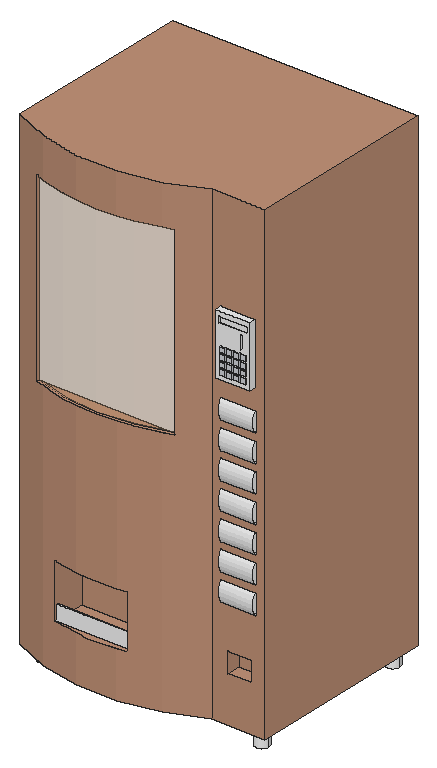
Revit family
Parameters
  Assembly Code = ""
Reference planes
  plane 1 "Centre Av/Ar": y = 83.764
  plane 2: z = 0
  plane 3 "Centre G/D": x = -18.475
  plane 4: x = -475.675
  plane 5: x = 438.725
  plane 6: y = 439.364
  plane 7: y = -271.836
  plane 8: y = 388.564
  plane 9: x = -424.875
  plane 10: y = -221.036
  plane 11: x = 387.925
  plane 12: x = 240.962
  plane 13: x = 338.816
  plane 14: z = 1332.695
  plane 15: z = 1313.645
  plane 16: z = 1307.295
  plane 17: x = 293.33
  plane 18: x = 312.38
  plane 19: x = 318.73
  plane 20: x = 337.78
  plane 21: x = 344.13
  plane 22: x = 363.18
  plane 23: x = 369.53
  plane 24: x = 388.58
  plane 25: z = 1288.245
  plane 26: z = 1281.895
  plane 27: z = 1262.845
  plane 28: z = 1256.495
  plane 29: z = 1237.445
  plane 30: z = 304.8
  plane 31: z = 227.055
  plane 32: x = 375.225
  plane 33: x = 301.301
  plane 34 "Img": y = -311.836
Forms (mm)
  Extrusion 1, solid, material "Plastique - Marron"
    sketch origin (0, 0, 0) x (1, 0, 0) y (0, 1, 0)
      loop
        line (-475.675, 439.364) -> (-475.675, -271.836)
        arc (-475.675, -271.836) -> (-117.356, -367.068) -> (240.962, -271.836) r 721.722
        line (240.962, -271.836) -> (438.725, -271.836) -> (438.725, 439.364) -> (-475.675, 439.364)
    from 55.49 to 1828.8
  Extrusion 2, solid, material "Métal - Acier"
    sketch origin (0, 0, 0) x (1, 0, 0) y (0, 1, 0)
      loop
        circle (-424.875, 388.564) r 25.4
      loop
        circle (387.925, 388.564) r 25.4
      loop
        circle (387.925, -221.036) r 25.4
      loop
        circle (-424.875, -221.036) r 25.4
    from 0 to 55.562
  Extrusion 3, void
    sketch origin (81.398, -271.836, 1831.734) x (0, 0, -1) y (1, 0, 0)
      loop
        line (1399.934, -367.254) -> (1601.745, -367.254) -> (1601.745, -86.348) -> (1399.934, -86.348) -> (1399.934, -367.254)
    from 111.824 to -50.8
  Extrusion 4, solid, material "Plastique - Blanc"
    sketch origin (240.962, -271.836, 1828.8) x (0, 0, -1) y (1, 0, 0)
      loop
        line (1541.959, -526.818) -> (1598.81, -526.818) -> (1598.81, -245.913) -> (1541.959, -245.913) -> (1541.959, -526.818)
    from 67.532 to 70.644
  Extrusion 5, solid, material "Plastique - Blanc"
    sketch origin (240.962, -271.836, 1828.8) x (0, 0, -1) y (1, 0, 0)
      loop
        line (380.472, 34.354) -> (609.072, 34.354) -> (609.072, 161.354) -> (380.472, 161.354) -> (380.472, 34.354)
    from 0 to 25.4
  Extrusion 6, void
    sketch origin (240.962, -271.836, 1828.8) x (0, 0, -1) y (1, 0, 0)
      loop
        line (396.279, 45.382) -> (421.679, 45.382) -> (421.679, 153.332) -> (396.279, 153.332) -> (396.279, 45.382)
    from 25.4 to 19.05
  Extrusion 7, void
    sketch origin (240.962, -271.836, 1828.8) x (0, 0, -1) y (1, 0, 0)
      loop
        line (431.027, 128.047) -> (481.827, 128.047) -> (481.827, 134.397) -> (431.027, 134.397) -> (431.027, 128.047)
    from 25.4 to 3.175
  Extrusion 8, solid, material "Plastique - Blanc"
    sketch origin (-18.475, 0, 0) x (0, 1, 0) y (0, 0, 1)
      loop
        arc (-271.836, 1143.528) -> (-283.612, 1105.428) -> (-271.836, 1067.328) r 67.522
        line (-271.836, 1067.328) -> (-271.836, 1143.528)
      loop
        arc (-271.836, 1041.928) -> (-283.612, 1003.828) -> (-271.836, 965.728) r 67.522
        line (-271.836, 965.728) -> (-271.836, 1041.928)
      loop
        arc (-271.836, 940.328) -> (-283.612, 902.228) -> (-271.836, 864.128) r 67.522
        line (-271.836, 864.128) -> (-271.836, 940.328)
      loop
        arc (-271.836, 838.728) -> (-283.612, 800.628) -> (-271.836, 762.528) r 67.522
        line (-271.836, 762.528) -> (-271.836, 838.728)
      loop
        arc (-271.836, 737.128) -> (-283.612, 699.028) -> (-271.836, 660.928) r 67.522
        line (-271.836, 660.928) -> (-271.836, 737.128)
      loop
        arc (-271.836, 635.528) -> (-283.612, 597.428) -> (-271.836, 559.328) r 67.522
        line (-271.836, 559.328) -> (-271.836, 635.528)
      loop
        arc (-271.836, 533.928) -> (-283.612, 495.828) -> (-271.836, 457.728) r 67.522
        line (-271.836, 457.728) -> (-271.836, 533.928)
    from 293.791 to 420.886
  Extrusion 9, solid
    sketch origin (240.962, -297.236, 1828.8) x (0, 0, -1) y (1, 0, 0)
      loop
        line (496.105, 52.368) -> (515.155, 52.368) -> (515.155, 71.418) -> (496.105, 71.418) -> (496.105, 52.368)
      loop
        line (591.355, 52.368) -> (591.355, 71.418) -> (572.305, 71.418) -> (572.305, 52.368) -> (591.355, 52.368)
      loop
        line (591.355, 146.962) -> (572.305, 146.962) -> (572.305, 128.568) -> (591.355, 128.568) -> (591.355, 146.962)
      loop
        line (496.105, 146.962) -> (496.105, 128.568) -> (515.155, 128.568) -> (515.155, 146.962) -> (496.105, 146.962)
      loop
        line (521.505, 52.368) -> (540.555, 52.368) -> (540.555, 71.418) -> (521.505, 71.418) -> (521.505, 52.368)
      loop
        line (546.905, 52.368) -> (565.955, 52.368) -> (565.955, 71.418) -> (546.905, 71.418) -> (546.905, 52.368)
      loop
        line (496.105, 77.768) -> (515.155, 77.768) -> (515.155, 96.818) -> (496.105, 96.818) -> (496.105, 77.768)
      loop
        line (496.105, 103.168) -> (515.155, 103.168) -> (515.155, 122.218) -> (496.105, 122.218) -> (496.105, 103.168)
      loop
        line (591.355, 96.818) -> (572.305, 96.818) -> (572.305, 77.768) -> (591.355, 77.768) -> (591.355, 96.818)
      loop
        line (591.355, 122.218) -> (572.305, 122.218) -> (572.305, 103.168) -> (591.355, 103.168) -> (591.355, 122.218)
      loop
        line (546.905, 146.962) -> (546.905, 128.568) -> (565.955, 128.568) -> (565.955, 146.962) -> (546.905, 146.962)
      loop
        line (521.505, 146.962) -> (521.505, 128.568) -> (540.555, 128.568) -> (540.555, 146.962) -> (521.505, 146.962)
      loop
        line (565.955, 77.768) -> (565.955, 96.818) -> (546.905, 96.818) -> (546.905, 77.768) -> (565.955, 77.768)
      loop
        line (565.955, 103.168) -> (565.955, 122.218) -> (546.905, 122.218) -> (546.905, 103.168) -> (565.955, 103.168)
      loop
        line (540.555, 103.168) -> (540.555, 122.218) -> (521.505, 122.218) -> (521.505, 103.168) -> (540.555, 103.168)
      loop
        line (540.555, 77.768) -> (540.555, 96.818) -> (521.505, 96.818) -> (521.505, 77.768) -> (540.555, 77.768)
    from 0 to 3.175
  Extrusion 10, void
    sketch origin (240.962, -271.836, 1828.8) x (0, 0, 1) y (1, 0, 0)
      loop
        line (-1524, 60.338) -> (-1524, 146.962) -> (-1601.745, 146.962) -> (-1601.745, 60.338) -> (-1524, 60.338)
    from 0 to 50.8
  Extrusion 11, void
    sketch origin (0, -271.836, 0) x (-1, 0, 0) y (0, 0, 1)
      loop
        line (375.675, 1678.8) -> (-140.962, 1678.8) -> (-140.962, 992.028) -> (375.675, 992.028) -> (375.675, 1678.8)
    from -40 to -161.482
  Extrusion 12, solid, material "Plastique - Blanc transparent"
    sketch origin (136.553, -271.836, 992.028) x (-1, 0, 0) y (0, -1, 0)
      loop
        arc (512.228, 42.062) -> (253.909, 90.232) -> (-4.41, 42.062) r 716.722
        line (-4.41, 42.062) -> (-4.41, 40) -> (4.232, 40)
        arc (4.232, 40) -> (253.909, 85.232) -> (503.586, 40) r 711.722
        line (503.586, 40) -> (512.228, 40) -> (512.228, 42.062)
    from 0 to 686.772
Cuts and joins
  Extrusion 3, Extrusion 6, Extrusion 7, Extrusion 10, Extrusion 11 cuts Extrusion 1
  Extrusion 3, Extrusion 6, Extrusion 7, Extrusion 10 cuts Extrusion 2
  Extrusion 6, Extrusion 7, Extrusion 10 cuts Extrusion 4
  Extrusion 6, Extrusion 7, Extrusion 10 cuts Extrusion 5
  Extrusion 10 cuts Extrusion 8
  Extrusion 10 cuts Extrusion 9
Lines and regions (mm)
  Split face 1
    outline origin (140.962, -311.836, 1653.722) x (-1, 0, 0) y (0, 0, -1)
      loop
        line (446.638, 656.694) -> (122.087, 656.694)
        arc (122.087, 656.694) -> (120.873, 644.508) -> (122.087, 632.323) r 61.741
        arc (122.087, 632.323) -> (152.698, 592.324) -> (151.444, 541.972) r 75.719
        arc (151.444, 541.972) -> (123.884, 512.342) -> (83.471, 510.276) r 53.84
        arc (83.471, 510.276) -> (75.872, 463.109) -> (78.499, 415.406) r 222.893
        arc (78.499, 415.406) -> (73.502, 406.133) -> (75.026, 395.71) r 16.756
        arc (75.026, 395.71) -> (137.758, 371.385) -> (201.676, 350.371) r 1287.265
        arc (201.676, 350.371) -> (220.769, 360.256) -> (240.464, 368.88) r 331.177
        arc (240.464, 368.88) -> (238.694, 362.464) -> (238.512, 355.811) r 27.589
        arc (238.512, 355.811) -> (229.08, 350.416) -> (219.582, 345.14) r 866.949
        arc (219.582, 345.14) -> (291.033, 327.02) -> (363.404, 313.019) r 1287.265
        arc (363.404, 313.019) -> (376.035, 315.5) -> (386.077, 323.553) r 26.974
        arc (386.077, 323.553) -> (383.392, 341.602) -> (390.948, 358.212) r 32.201
        arc (390.948, 358.212) -> (407.428, 383.628) -> (416.305, 412.59) r 109.371
        arc (416.305, 412.59) -> (424.66, 451.763) -> (437.011, 489.865) r 387.818
        arc (437.011, 489.865) -> (430.907, 514.14) -> (427.236, 538.9) r 252.636
        arc (427.236, 538.9) -> (432.304, 575.599) -> (459.015, 601.27) r 56.505
        arc (459.015, 601.27) -> (464.123, 612.681) -> (469.581, 623.928) r 404.825
        arc (469.581, 623.928) -> (456.362, 639.087) -> (446.638, 656.694) r 94.818
  Split face 2
    outline origin (140.962, -311.836, 1653.722) x (-1, 0, 0) y (0, 0, -1)
      loop
        arc (380.985, 388.331) -> (388.529, 435.529) -> (385.439, 483.226) r 214.621
        arc (385.439, 483.226) -> (381.396, 500.036) -> (375.375, 516.242) r 144.623
        arc (375.375, 516.242) -> (373.393, 516.834) -> (372.494, 514.971) r 1.595
        arc (372.494, 514.971) -> (378.122, 471.852) -> (372.824, 428.691) r 173.074
        arc (372.824, 428.691) -> (361.313, 398.08) -> (343.314, 370.775) r 146.863
        arc (343.314, 370.775) -> (337.154, 360.973) -> (333.796, 349.894) r 43.541
        line (333.796, 349.894) -> (353.348, 340.638)
        arc (353.348, 340.638) -> (370.225, 362.712) -> (380.985, 388.331) r 109.209
  Split face 3
    outline origin (140.962, -311.836, 1653.722) x (-1, 0, 0) y (0, 0, -1)
      loop
        arc (431.907, 509.365) -> (406.546, 466.522) -> (401.96, 416.948) r 113.499
        arc (401.96, 416.948) -> (400.477, 414.562) -> (397.844, 415.541) r 2.22
        arc (397.844, 415.541) -> (392.036, 450.488) -> (397.844, 485.436) r 108.049
        arc (397.844, 485.436) -> (402.675, 495.826) -> (409.582, 504.97) r 54.232
        arc (409.582, 504.97) -> (418.989, 520.783) -> (427.414, 537.141) r 301.699
  Split face 4
    outline origin (140.962, -311.836, 1653.722) x (-1, 0, 0) y (0, 0, -1)
      loop
        arc (416.305, 412.59) -> (450.373, 420.317) -> (479.714, 439.275) r 100.149
        arc (479.714, 439.275) -> (499.323, 459.578) -> (516.638, 481.871) r 262.297
      loop
        arc (516.638, 545.015) -> (499.445, 572.696) -> (478.431, 597.601) r 224.844
        arc (478.431, 597.601) -> (468.812, 602.584) -> (458.118, 600.847) r 17.248
  Split face 5
    outline origin (140.962, -311.836, 1653.722) x (-1, 0, 0) y (0, 0, -1)
      loop
        line (446.638, 656.694) -> (516.638, 656.694)
  Split face 6
    outline origin (140.962, -311.836, 1653.722) x (-1, 0, 0) y (0, 0, -1)
      loop
        arc (122.087, 632.323) -> (104.506, 646.159) -> (84.77, 656.694) r 126.937
        line (84.77, 656.694) -> (0, 656.694)
      loop
        arc (83.471, 510.276) -> (52.99, 511.901) -> (22.51, 510.276) r 286.644
        arc (22.51, 510.276) -> (10.38, 511.663) -> (0, 518.092) r 27.928
  Split face 7
    outline origin (140.962, -311.836, 1653.722) x (-1, 0, 0) y (0, 0, -1)
      loop
        arc (0.558, -25.078) -> (17.144, 19.66) -> (44.091, 59.036) r 195.13
        arc (44.091, 59.036) -> (79.117, 120.03) -> (120.063, 177.219) r 702.89
        arc (120.063, 177.219) -> (115.31, 201.04) -> (112.213, 225.133) r 351.489
        arc (112.213, 225.133) -> (119.208, 270.984) -> (146.932, 308.167) r 95.74
        arc (146.932, 308.167) -> (171.126, 329.627) -> (202.793, 336.19) r 62.753
        arc (202.793, 336.19) -> (226.346, 294.571) -> (236.691, 247.883) r 161.655
        arc (236.691, 247.883) -> (249.152, 215.934) -> (254.335, 182.034) r 156.094
        arc (254.335, 182.034) -> (256.683, 149.819) -> (244.259, 120.003) r 69.718
        arc (244.259, 120.003) -> (212.177, 44.012) -> (167.118, -25.078) r 462.912
  Split face 8
    outline origin (140.962, -311.836, 1653.722) x (-1, 0, 0) y (0, 0, -1)
      loop
        arc (0, 249.922) -> (58.912, 253.566) -> (116.038, 268.416) r 307.017
        arc (116.038, 268.416) -> (128.032, 290.902) -> (145.433, 309.523) r 97.74
        arc (145.433, 309.523) -> (152.719, 318.552) -> (161.5, 326.136) r 64.753
        arc (161.5, 326.136) -> (158.84, 339.592) -> (148.24, 348.297) r 20.333
        arc (148.24, 348.297) -> (101.008, 358.206) -> (53.235, 365.044) r 747.111
        arc (53.235, 365.044) -> (25.397, 371.128) -> (0, 384.051) r 111.807
  Split face 9
    outline origin (140.962, -311.836, 1653.722) x (-1, 0, 0) y (0, 0, -1)
      loop
        line (202.793, 336.19) -> (219.582, 345.14)
      loop
        line (201.676, 350.371) -> (155.524, 320.851)
        arc (155.524, 320.851) -> (154.881, 319.692) -> (155.524, 318.533) r 1.365
  Split face 10
    outline origin (140.962, -311.836, 1653.722) x (-1, 0, 0) y (0, 0, -1)
      loop
        arc (363.404, 313.019) -> (224.75, 373.667) -> (75.026, 395.71) r 570.272
  Split face 11
    outline origin (140.962, -311.836, 1653.722) x (-1, 0, 0) y (0, 0, -1)
      loop
        arc (386.077, 323.553) -> (370.093, 332.824) -> (353.348, 340.638) r 207.687
      loop
        arc (333.796, 349.894) -> (210.053, 397.873) -> (78.499, 415.406) r 560.395
  Masking region 1
    outline origin (0, 0, 0) x (1, 0, 0) y (0, 1, 0)
      loop
        line (-475.675, 439.364) -> (-475.675, -271.836)
        arc (-475.675, -271.836) -> (-117.356, -367.068) -> (240.962, -271.836) r 721.722
        line (240.962, -271.836) -> (438.725, -271.836) -> (438.725, 439.364) -> (-475.675, 439.364)
  Masking region 2, detail levels medium+fine
    outline origin (0, 0, 0) x (1, 0, 0) y (0, 1, 0)
      loop
        line (275.316, -271.836) -> (275.316, -297.236) -> (402.316, -297.236) -> (402.316, -271.836) -> (275.316, -271.836)
  symbolic lines
    curve 1: arc (-222.442, -311.836, 1340.703) -> (-83.788, -311.836, 1280.054) -> (65.936, -311.836, 1258.012) r 570.272
    curve 16: arc (-97.549, -311.836, 1297.91) -> (-97.731, -311.836, 1291.257) -> (-99.501, -311.836, 1284.841) r 27.589
  model lines
    curve 2: arc (-373.025, -311.836, 1103.805) -> (-368.013, -311.836, 1130.815) -> (-344.346, -311.836, 1144.763) r 33.138
    curve 3: arc (-344.346, -311.836, 1144.763) -> (-333.808, -311.836, 1127.61) -> (-327.441, -311.836, 1108.511) r 88.043
    curve 4: arc (-327.441, -311.836, 1108.511) -> (-337.658, -311.836, 1083.312) -> (-337.469, -311.836, 1056.121) r 69.788
    curve 5: arc (-296.048, -311.836, 1163.857) -> (-307.34, -311.836, 1180.849) -> (-324.332, -311.836, 1192.142) r 51.639
    curve 6: arc (-328.618, -311.836, 1029.794) -> (-342.525, -311.836, 1050.484) -> (-363.216, -311.836, 1064.391) r 64.787
    curve 7: arc (34.797, -311.836, 1131.415) -> (62.546, -311.836, 1127.827) -> (87.105, -311.836, 1114.419) r 75.822
    curve 8: arc (87.105, -311.836, 1114.419) -> (103.613, -311.836, 1091.162) -> (105.916, -311.836, 1062.736) r 53.81
    curve 9: arc (105.916, -311.836, 1062.736) -> (80.505, -311.836, 1042.052) -> (47.743, -311.836, 1041.563) r 49.956
    curve 10: arc (47.743, -311.836, 1041.563) -> (26.542, -311.836, 1084.367) -> (34.797, -311.836, 1131.415) r 76.668
    curve 11: arc (20.899, -311.836, 1476.503) -> (-17.338, -311.836, 1495.709) -> (-58.975, -311.836, 1505.575) r 184.212
    curve 12: arc (96.871, -311.836, 1594.686) -> (61.393, -311.836, 1638.61) -> (10.19, -311.836, 1662.408) r 124.823
    curve 13: arc (-98.182, -311.836, 1410.736) -> (-77.949, -311.836, 1388.28) -> (-63.767, -311.836, 1361.587) r 123.676
    curve 14: arc (-63.767, -311.836, 1361.587) -> (-55.726, -311.836, 1339.915) -> (-47.229, -311.836, 1318.418) r 1093.941
    curve 15: arc (-199.897, -311.836, 1327.716) -> (-146.279, -311.836, 1314.769) -> (-92.988, -311.836, 1300.538) r 2298.242
    curve 17: arc (-75.845, -311.836, 1295.667) -> (-17.712, -311.836, 1278.072) -> (39.935, -311.836, 1258.946) r 2298.242
    curve 18: arc (-117.057, -311.836, 1330.834) -> (-127.016, -311.836, 1337.104) -> (-137.145, -311.836, 1343.097) r 426.718
    curve 19: arc (-85.789, -311.836, 1326.257) -> (-97.071, -311.836, 1339.558) -> (-108.584, -311.836, 1352.66) r 1002.055
    curve 20: arc (-127.889, -311.836, 1361.504) -> (-153.032, -311.836, 1379.302) -> (-179.168, -311.836, 1395.605) r 528.868
    curve 21: arc (-214.147, -311.836, 1414.311) -> (-224.767, -311.836, 1419.342) -> (-235.497, -311.836, 1424.137) r 528.868
    curve 22: arc (-318.055, -311.836, 1452.104) -> (-331.081, -311.836, 1455.174) -> (-344.18, -311.836, 1457.914) r 528.868
    curve 23: arc (-315.398, -311.836, 1528.723) -> (-322.017, -311.836, 1532.923) -> (-328.669, -311.836, 1537.07) r 1002.055
    curve 24: arc (-263.622, -311.836, 1493.253) -> (-278.342, -311.836, 1503.826) -> (-293.25, -311.836, 1514.132) r 1002.055
    curve 25: arc (-217.259, -311.836, 1457.176) -> (-232.4, -311.836, 1469.442) -> (-247.777, -311.836, 1481.411) r 1002.055
    curve 26: arc (-166.125, -311.836, 1411.904) -> (-182.465, -311.836, 1427.054) -> (-199.137, -311.836, 1441.837) r 1002.055
    curve 27: arc (-130.212, -311.836, 1376.086) -> (-142.996, -311.836, 1389.255) -> (-156.02, -311.836, 1402.188) r 1002.055
    curve 28: arc (-102.335, -311.836, 1362.072) -> (-108.569, -311.836, 1374.047) -> (-115.09, -311.836, 1385.868) r 560.723
    curve 29: arc (-124.721, -311.836, 1402.192) -> (-131.399, -311.836, 1412.816) -> (-138.312, -311.836, 1423.288) r 560.723
    curve 30: arc (-158.71, -311.836, 1451.515) -> (-165.714, -311.836, 1460.413) -> (-172.896, -311.836, 1469.167) r 560.723
    curve 31: arc (-189.847, -311.836, 1488.488) -> (-200.645, -311.836, 1499.917) -> (-211.76, -311.836, 1511.038) r 560.723
    curve 32: arc (-236.794, -311.836, 1533.961) -> (-246.25, -311.836, 1541.927) -> (-255.879, -311.836, 1549.683) r 560.723
    curve 33: arc (-157.593, -311.836, 1354.091) -> (-171.142, -311.836, 1360.61) -> (-184.911, -311.836, 1366.648) r 426.718
    curve 34: arc (-208.17, -311.836, 1375.573) -> (-219.329, -311.836, 1379.314) -> (-230.588, -311.836, 1382.746) r 426.718
    curve 35: arc (-244.475, -311.836, 1386.517) -> (-258.343, -311.836, 1389.788) -> (-272.312, -311.836, 1392.595) r 426.718
    curve 36: arc (-309.763, -311.836, 1397.767) -> (-325.759, -311.836, 1398.955) -> (-341.788, -311.836, 1399.541) r 426.718
    curve 37: arc (-269.636, -311.836, 1437.553) -> (-281.998, -311.836, 1441.752) -> (-294.46, -311.836, 1445.644) r 528.868
Dimensions and locks
  locked: plane 4 to Extrusion 11 sketch curve at 100
  locked: Extrusion 11 sketch curve to cut or joined group of Extrusion 1, Extrusion 3, Extrusion 6, Extrusion 7, Extrusion 10, Extrusion 11 at 100
  locked: cut or joined group of Extrusion 1, Extrusion 3, Extrusion 6, Extrusion 7, Extrusion 10, Extrusion 11 to Extrusion 11 sketch curve at 150
  aligned and locked: Split face 10 sketch curve to curve 1
  aligned and locked: Masking region 1 sketch curve to cut or joined group of Extrusion 1, Extrusion 3, Extrusion 6, Extrusion 7, Extrusion 10, Extrusion 11  (x5)
  aligned and locked: Masking region 2 sketch curve to cut or joined group of Extrusion 5, Extrusion 6, Extrusion 7, Extrusion 10  (x4)
